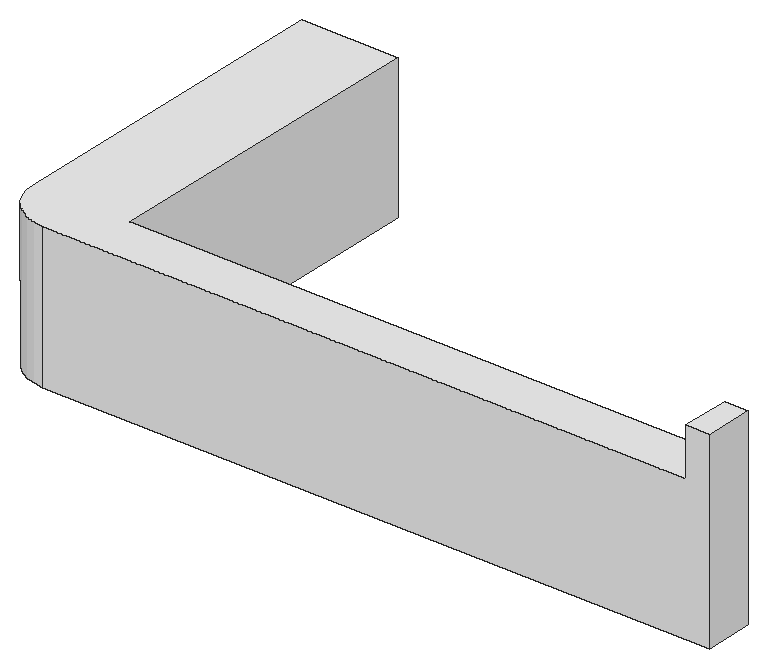
Revit family "Spec Equip_ToiletRollHolder_Argent_Mondrian Neu LH", category Specialty Equipment, Revit 2016
Family settings
  Part Type = Normal
  Round Connector Dimension = Use Diameter
  OmniClass Number = 23.40.20.21
  OmniClass Title = Toilet and Bath Specialties
  Work Plane-Based = No
  Always vertical = Yes
  Cut with Voids When Loaded = Yes
  Shared = No
  Room Calculation Point = No
Parameters (values of type "Chrome")
  Waste Connection = no
  WFU = 0
  Vent Connection = no
  URL = "https://www.argentaust.com.au/"
  Type Comments = "Chrome Finish"
  ModifiedIssue_ANZRS = 20190423
  Model = "AR93686L"  # constant formula
  Manufacturer_URL__Product Specific = "https://www.argentaust.com.au/argent-accessories-toilet-roll-holders-mondrian-neu-toilet-roll-holder?item=9966"
  Manufacturer_Spec Code = Model  # "AR93686L"
  Manufacturer_Overall Width = 149 mm  # constant formula
  Manufacturer_Overall Height = 40 mm  # constant formula
  Manufacturer_Overall Depth = 80 mm  # constant formula
  Manufacturer_Height From FFL [instance] = 800 mm
  Manufacturer = "Argent"  # constant formula
  Keynote = ""
  HWFU = 0
  HW Connection = no
  Description = "Mondrian Neu LH Toilet Roll Holder"  # constant formula
  CreatedBy_ANZRS = "IGS BIM Solutions"  # constant formula
  CreatedByURL_ANZRS = "https://igsgroup.com.au/"
  Cost = 0
  CWFU = 0
  CW Connection = no
  Body Material = z_Argent_Chrome
  Assembly Code = ""
Reference planes
  plane 1 "Ref. Level": z = 0
  plane 2 "Center (Left/Right)": x = -4.48
  plane 3 "Left": x = -78.98
  plane 4 "Right": x = 70.02
  plane 5 "Center (Front/Back)": y = -400.5
  plane 6 "Back": y = -360.5
  plane 7 "Bottom": z = 785
  plane 8 "Front": y = -440.5
  plane 9 "Top offset": z = 815
  plane 10 "Left Offset": x = -58.98
  plane 11 "Right Offset": x = 65.02
  plane 12 "Top": z = 825
  plane 13 "Center elevation": z = 800
Forms (mm)
  Extrusion 1, solid, material "z_Argent_Chrome" <- "Body Material"
    sketch origin (-189.564, -1524, 785) x (0, -1, 0) y (1, 0, 0)
      loop
        line (-1163.5, 110.584) -> (-1093.5, 110.584)
        arc (-1093.5, 110.584) -> (-1086.429, 113.513) -> (-1083.5, 120.584) r 10
        line (-1083.5, 120.584) -> (-1083.5, 130.584) -> (-1163.5, 130.584) -> (-1163.5, 110.584)
    from 0 to -30
  Extrusion 2, solid, material "z_Argent_Chrome" <- "Body Material"
    sketch origin (-189.564, -1524, 785) x (0, -1, 0) y (1, 0, 0)
      loop
        line (-1083.5, 254.584) -> (-1093.5, 254.584) -> (-1093.5, 130.584) -> (-1083.5, 130.584) -> (-1083.5, 254.584)
    from 0 to -30
  Extrusion 3, solid, material "z_Argent_Chrome" <- "Body Material"
    sketch origin (70.02, 100.249, 4000) x (0, 1, 0) y (0, 0, 1)
      loop
        line (-530.749, -3215) -> (-530.749, -3175) -> (-540.749, -3175) -> (-540.749, -3215) -> (-530.749, -3215)
    from 0 to -5
Cuts and joins
  joined: Extrusion 1, Extrusion 2, Extrusion 3
Lines and regions (mm)
  Masking region 1
    outline origin (0, 0, 825) x (0, 1, 0) y (-1, 0, 0)
      loop
        line (-360.5, 78.98) -> (-430.5, 78.98)
        arc (-430.5, 78.98) -> (-437.571, 76.051) -> (-440.5, 68.98) r 10
        line (-440.5, 68.98) -> (-440.5, -70.02) -> (-430.5, -70.02) -> (-430.5, 58.98) -> (-360.5, 58.98) -> (-360.5, 78.98)
  Masking region 2
    outline origin (0, -440.5, 0) x (0, 0, 1) y (-1, 0, 0)
      loop
        line (785, -70.02) -> (825, -70.02) -> (825, -65.02) -> (815, -65.02) -> (815, 78.98) -> (785, 78.98) -> (785, -70.02)
  Masking region 3
    outline origin (70.02, 0, 0) x (0, 1, 0) y (0, 0, 1)
      loop
        line (-360.5, 785) -> (-360.5, 815) -> (-430.5, 815) -> (-430.5, 825) -> (-440.5, 825) -> (-440.5, 785) -> (-360.5, 785)
  symbolic lines, style "Grab Rails", detail levels medium+fine
    curve 1: line (65.02, -440.5, 825) -> (65.02, -430.5, 825)
Text (mm)
  text "Disclaimer:\n\nDue to ongoing product development and manufacturing evolution, product details are subject to change without notice. Please refer to product technical data sheets on the manufacturer’s website for the most current product information. Please allow a +/- 5mm manufacturing tolerance for dimensions and set-outs shown in product literature." at (145.958, -314.392, 0), in view "Ref. Level_Instruction"
Dimensions and locks
  equal spacing: plane 3 "Left", plane 2 "Center (Left/Right)", plane 4 "Right"
  "Manufacturer_Overall Width": plane 3 "Left" to plane 4 "Right"
  "Manufacturer_Overall Depth": plane 8 "Front" to plane 6 "Back"
  equal spacing: plane 8 "Front", plane 5 "Center (Front/Back)", plane 6 "Back"
  locked: plane 3 "Left" to plane 10 "Left Offset" at 20
  locked: plane 11 "Right Offset" to plane 4 "Right" at 5
  locked: plane 9 "Top offset" to plane 7 "Bottom" at 30
  "Manufacturer_Overall Height": plane 12 "Top" to plane 7 "Bottom"
  plane 7 "Bottom" to plane 9 "Top offset" = 30 mm
  "Manufacturer_Height From FFL": plane 13 "Center elevation" to plane 1 "Ref. Level"
  equal spacing: plane 9 "Top offset", plane 13 "Center elevation", plane 7 "Bottom"
  plane 7 "Bottom" to cut or joined group of Extrusion 1, Extrusion 2, Extrusion 3 = 40 mm
  aligned and locked: Extrusion 1 sketch curve to plane 3 "Left"
  aligned and locked: Extrusion 1 sketch curve to plane 10 "Left Offset"
  aligned and locked: Extrusion 1 sketch curve to plane 6 "Back"
  aligned and locked: Extrusion 1 sketch curve to plane 8 "Front"
  aligned and locked: Extrusion 1 to plane 9 "Top offset"
  aligned and locked: Extrusion 2 sketch curve to plane 8 "Front"
  aligned and locked: Extrusion 2 sketch curve to plane 10 "Left Offset"
  aligned and locked: plane 11 "Right Offset" to Extrusion 2 sketch curve
  aligned and locked: Extrusion 2 to plane 9 "Top offset"
  aligned and locked: plane 8 "Front" to Extrusion 3 sketch curve
  aligned and locked: plane 12 "Top" to Extrusion 3 sketch curve
  aligned and locked: plane 11 "Right Offset" to Extrusion 3
  aligned and locked: plane 3 "Left" to Masking region 1 sketch curve
  aligned and locked: plane 6 "Back" to Masking region 1 sketch curve
  aligned and locked: plane 10 "Left Offset" to Masking region 1 sketch curve
  aligned and locked: plane 4 "Right" to Masking region 1 sketch curve
  aligned and locked: plane 4 "Right" to Masking region 2 sketch curve
  aligned and locked: Masking region 2 sketch curve to plane 11 "Right Offset"
  aligned and locked: plane 12 "Top" to Masking region 2 sketch curve
  aligned and locked: plane 3 "Left" to Masking region 2 sketch curve
  aligned and locked: plane 6 "Back" to Masking region 3 sketch curve
  aligned and locked: Masking region 3 sketch curve to plane 7 "Bottom"
  aligned and locked: plane 9 "Top offset" to Masking region 3 sketch curve
  aligned and locked: plane 8 "Front" to Masking region 3 sketch curve
  aligned and locked: plane 12 "Top" to Masking region 3 sketch curve
Automatic sketch dimensions
  plane 8 "Front" to Extrusion 1 sketch curve = 10 mm
  Extrusion 3 sketch curve to plane 7 "Bottom" = 0 mm
  Extrusion 3 sketch curve to Extrusion 3 sketch curve = 10 mm
  Masking region 2 sketch curve to plane 7 "Bottom" = 0 mm
  Extrusion 2 sketch curve to Extrusion 2 sketch curve = 10 mm
  Masking region 3 sketch curve to Masking region 3 sketch curve = 10 mm
  plane 9 "Top offset" to Masking region 2 sketch curve = 0 mm
  plane 8 "Front" to Masking region 1 sketch curve = 0 mm
  Masking region 1 sketch curve to plane 8 "Front" = 10 mm
  Masking region 1 sketch curve to Masking region 1 sketch curve = 0 mm
